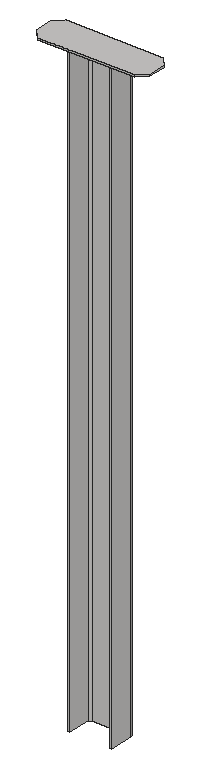
Revit family "E_Cable Tray Support_MEPcontent_OBO Bettermann_US3 FT", category Cable Tray Fittings, Revit 2015
Parameters (values of type "US 3 K 70 FT")
  Wholesaler Art. No. = ""
  Wholesaler = ""
  Watermarked By = "www.stabiplan.com"
  Width 2 = 30.00 mm  # constant formula
  Width 1 = 50.00 mm  # constant formula
  URL = "www.stabiplan.com"
  built-in parameter 1140111 [instance] = 2.00 mm  # constant formula
  Stabu Code = ""
  Revit Version = "2015"  # constant formula
  MEPcontent Class = "CABLE_TRAY_SUPPORT"  # constant formula
  Internal Art. No. = ""
  IFCExportType = "NOTDEFINED"  # constant formula
  IFCExportAs = "IfcCableCarrierFittingType"  # constant formula
  Function Code [instance] = ""
  Family Version = "10.14"  # constant formula
  ETIM Article Class = "EC000082"  # constant formula
  EMCS Version = "2.0"  # constant formula
  Copyright = "© Stabiplan International BV"  # constant formula
  Content Supplier URL = ""
  CB-NL Class = ""
  Article Type = if(and(Width 1 = 50.00 mm, Width 2 = 30.00 mm, Height 1 = 200.00 mm), "US 3 K 20 FT", if(and(Width 1 = 50.00 mm, Width 2 = 30.00 mm, Height 1 = 300.00 mm), "US 3 K 30 FT", if(and(Width 1 = 50.00 mm, Width 2 = 30.00 mm, Height 1 = 400.00 mm), "US 3 K 40 FT", if(and(Width 1 = 50.00 mm, Width 2 = 30.00 mm, Height 1 = 500.00 mm), "US 3 K 50 FT", if(and(Width 1 = 50.00 mm, Width 2 = 30.00 mm, Height 1 = 600.00 mm), "US 3 K 60 FT", if(and(Width 1 = 50.00 mm, Width 2 = 30.00 mm, Height 1 = 700.00 mm), "US 3 K 70 FT", if(and(Width 1 = 50.00 mm, Width 2 = 30.00 mm, Height 1 = 800.00 mm), "US 3 K 80 FT", if(and(Width 1 = 50.00 mm, Width 2 = 30.00 mm, Height 1 = 900.00 mm), "US 3 K 90 FT", if(and(Width 1 = 50.00 mm, Width 2 = 30.00 mm, Height 1 = 1000.00 mm), "US 3 K 100 FT", if(and(Width 1 = 50.00 mm, Width 2 = 30.00 mm, Height 1 = 1100.00 mm), "US 3 K 110 FT", if(and(Width 1 = 50.00 mm, Width 2 = 30.00 mm, Height 1 = 1200.00 mm), "US 3 K 120 FT", "Unknown")))))))))))  # "US 3 K 70 FT"
  Product Line = "OBO BETTERMANN CableTrays"  # constant formula
  Model = if(and(Width 1 = 50.00 mm, Width 2 = 30.00 mm, Height 1 = 200.00 mm), "US 3 K 20 FT", if(and(Width 1 = 50.00 mm, Width 2 = 30.00 mm, Height 1 = 300.00 mm), "US 3 K 30 FT", if(and(Width 1 = 50.00 mm, Width 2 = 30.00 mm, Height 1 = 400.00 mm), "US 3 K 40 FT", if(and(Width 1 = 50.00 mm, Width 2 = 30.00 mm, Height 1 = 500.00 mm), "US 3 K 50 FT", if(and(Width 1 = 50.00 mm, Width 2 = 30.00 mm, Height 1 = 600.00 mm), "US 3 K 60 FT", if(and(Width 1 = 50.00 mm, Width 2 = 30.00 mm, Height 1 = 700.00 mm), "US 3 K 70 FT", if(and(Width 1 = 50.00 mm, Width 2 = 30.00 mm, Height 1 = 800.00 mm), "US 3 K 80 FT", if(and(Width 1 = 50.00 mm, Width 2 = 30.00 mm, Height 1 = 900.00 mm), "US 3 K 90 FT", if(and(Width 1 = 50.00 mm, Width 2 = 30.00 mm, Height 1 = 1000.00 mm), "US 3 K 100 FT", if(and(Width 1 = 50.00 mm, Width 2 = 30.00 mm, Height 1 = 1100.00 mm), "US 3 K 110 FT", if(and(Width 1 = 50.00 mm, Width 2 = 30.00 mm, Height 1 = 1200.00 mm), "US 3 K 120 FT", "Unknown")))))))))))  # "US 3 K 70 FT"
  Manufacturer = "OBO BETTERMANN"  # constant formula
  Custom [instance] = if(and(Width 1 = 50.00 mm, Width 2 = 30.00 mm, Height 1 = 200.00 mm), 1 = 0, if(and(Width 1 = 50.00 mm, Width 2 = 30.00 mm, Height 1 = 300.00 mm), 1 = 0, if(and(Width 1 = 50.00 mm, Width 2 = 30.00 mm, Height 1 = 400.00 mm), 1 = 0, if(and(Width 1 = 50.00 mm, Width 2 = 30.00 mm, Height 1 = 500.00 mm), 1 = 0, if(and(Width 1 = 50.00 mm, Width 2 = 30.00 mm, Height 1 = 600.00 mm), 1 = 0, if(and(Width 1 = 50.00 mm, Width 2 = 30.00 mm, Height 1 = 700.00 mm), 1 = 0, if(and(Width 1 = 50.00 mm, Width 2 = 30.00 mm, Height 1 = 800.00 mm), 1 = 0, if(and(Width 1 = 50.00 mm, Width 2 = 30.00 mm, Height 1 = 900.00 mm), 1 = 0, if(and(Width 1 = 50.00 mm, Width 2 = 30.00 mm, Height 1 = 1000.00 mm), 1 = 0, if(and(Width 1 = 50.00 mm, Width 2 = 30.00 mm, Height 1 = 1100.00 mm), 1 = 0, if(and(Width 1 = 50.00 mm, Width 2 = 30.00 mm, Height 1 = 1200.00 mm), 1 = 0, 1 = 1)))))))))))  # no
  Height 1 = 700.00 mm
  GTIN = if(and(Width 1 = 50.00 mm, Width 2 = 30.00 mm, Height 1 = 200.00 mm), "4012196224470", if(and(Width 1 = 50.00 mm, Width 2 = 30.00 mm, Height 1 = 300.00 mm), "4012196224531", if(and(Width 1 = 50.00 mm, Width 2 = 30.00 mm, Height 1 = 400.00 mm), "4012196224593", if(and(Width 1 = 50.00 mm, Width 2 = 30.00 mm, Height 1 = 500.00 mm), "4012196224654", if(and(Width 1 = 50.00 mm, Width 2 = 30.00 mm, Height 1 = 600.00 mm), "4012196224715", if(and(Width 1 = 50.00 mm, Width 2 = 30.00 mm, Height 1 = 700.00 mm), "4012196224777", if(and(Width 1 = 50.00 mm, Width 2 = 30.00 mm, Height 1 = 800.00 mm), "4012196225019", if(and(Width 1 = 50.00 mm, Width 2 = 30.00 mm, Height 1 = 900.00 mm), "4012196225071", if(and(Width 1 = 50.00 mm, Width 2 = 30.00 mm, Height 1 = 1000.00 mm), "4012196225132", if(and(Width 1 = 50.00 mm, Width 2 = 30.00 mm, Height 1 = 1100.00 mm), "4012196225378", if(and(Width 1 = 50.00 mm, Width 2 = 30.00 mm, Height 1 = 1200.00 mm), "4012196225439", "Unknown")))))))))))  # "4012196224777"
  Description = "Suspended support (U profile) of dimensions 50 x 30 mm with welded head plate."  # constant formula
  Depth = 40.00 mm  # constant formula
  Manufacturer URL = "http://catalog4.obo-bettermann.com/catalogue/catalogue.do?forward=showProductGroup&act=showIO&favOid=bss_63225&action=showManyProducts&lang=nl&OID=bss_63225&catId="
  Gray = Color RGB 189-187-185
  Manufacturer Art. No. = if(and(Width 1 = 50.00 mm, Width 2 = 30.00 mm, Height 1 = 200.00 mm), "6342351", if(and(Width 1 = 50.00 mm, Width 2 = 30.00 mm, Height 1 = 300.00 mm), "6342353", if(and(Width 1 = 50.00 mm, Width 2 = 30.00 mm, Height 1 = 400.00 mm), "6342355", if(and(Width 1 = 50.00 mm, Width 2 = 30.00 mm, Height 1 = 500.00 mm), "6342357", if(and(Width 1 = 50.00 mm, Width 2 = 30.00 mm, Height 1 = 600.00 mm), "6342359", if(and(Width 1 = 50.00 mm, Width 2 = 30.00 mm, Height 1 = 700.00 mm), "6342362", if(and(Width 1 = 50.00 mm, Width 2 = 30.00 mm, Height 1 = 800.00 mm), "6342364", if(and(Width 1 = 50.00 mm, Width 2 = 30.00 mm, Height 1 = 900.00 mm), "6342366", if(and(Width 1 = 50.00 mm, Width 2 = 30.00 mm, Height 1 = 1000.00 mm), "6342368", if(and(Width 1 = 50.00 mm, Width 2 = 30.00 mm, Height 1 = 1100.00 mm), "6342370", if(and(Width 1 = 50.00 mm, Width 2 = 30.00 mm, Height 1 = 1200.00 mm), "6342372", "Unknown")))))))))))  # "6342362"
  Article Description = "Suspended support (U profile) of dimensions 50 x 30 mm with welded head plate."  # constant formula
Types (11, lengths in mm): name | Article Type | Model | Height 1 | GTIN | Manufacturer Art. No.
  US 3 K 20 FT | "US 3 K 20 FT" | "US 3 K 20 FT" | 200.00 | "4012196224470" | "6342351"
  US 3 K 30 FT | "US 3 K 30 FT" | "US 3 K 30 FT" | 300.00 | "4012196224531" | "6342353"
  US 3 K 40 FT | "US 3 K 40 FT" | "US 3 K 40 FT" | 400.00 | "4012196224593" | "6342355"
  US 3 K 50 FT | "US 3 K 50 FT" | "US 3 K 50 FT" | 500.00 | "4012196224654" | "6342357"
  US 3 K 60 FT | "US 3 K 60 FT" | "US 3 K 60 FT" | 600.00 | "4012196224715" | "6342359"
  US 3 K 70 FT | "US 3 K 70 FT" | "US 3 K 70 FT" | 700.00 | "4012196224777" | "6342362"
  US 3 K 80 FT | "US 3 K 80 FT" | "US 3 K 80 FT" | 800.00 | "4012196225019" | "6342364"
  US 3 K 90 FT | "US 3 K 90 FT" | "US 3 K 90 FT" | 900.00 | "4012196225071" | "6342366"
  US 3 K 100 FT | "US 3 K 100 FT" | "US 3 K 100 FT" | 1000.00 | "4012196225132" | "6342368"
  US 3 K 110 FT | "US 3 K 110 FT" | "US 3 K 110 FT" | 1100.00 | "4012196225378" | "6342370"
  US 3 K 120 FT | "US 3 K 120 FT" | "US 3 K 120 FT" | 1200.00 | "4012196225439" | "6342372"
Reference planes
  plane 1 "Center (Front/Back)": y = 0
  plane 2: z = 0
  plane 3 "Center (Left/Right)": x = 0
  plane 4: x = -25
  plane 5: x = 25
  plane 6: y = -15
  plane 7: y = 15
  plane 8: x = -65
  plane 9: x = 65
  plane 10: y = -20
  plane 11: y = 20
  plane 12: y = -17.5
  plane 13: y = 17.5
  plane 14: z = 0
  plane 15: x = -55
  plane 16: y = 10
  plane 17: z = -702
  plane 18: z = -2
Forms (mm)
  Extrusion 1, solid, material "Color RGB 189-187-185" <- "Gray", detail levels medium+fine
    sketch origin (0, 0, 0) x (1, 0, 0) y (0, 1, 0)
      loop
        line (-25, -15) -> (-23, -15) -> (-23, 10.5)
        arc (-23, 10.5) -> (-22.268, 12.268) -> (-20.5, 13) r 2.5
        line (-20.5, 13) -> (20.5, 13)
        arc (20.5, 13) -> (22.268, 12.268) -> (23, 10.5) r 2.5
        line (23, 10.5) -> (23, -15) -> (25, -15) -> (25, 12.5)
        arc (25, 12.5) -> (24.268, 14.268) -> (22.5, 15) r 2.5
        line (22.5, 15) -> (-22.5, 15)
        arc (-22.5, 15) -> (-24.268, 14.268) -> (-25, 12.5) r 2.5
        line (-25, 12.5) -> (-25, -15)
    from -702 to -2
  Extrusion 2, solid, material "Color RGB 189-187-185" <- "Gray", detail levels medium+fine
    sketch origin (0, 0, 0) x (1, 0, 0) y (0, 1, 0)
      loop
        line (-55, 20) -> (-65, 10) -> (-65, -10) -> (-55, -20) -> (55, -20) -> (65, -10) -> (65, 10) -> (55, 20) -> (-55, 20)
    from 0 to -2
Cuts and joins
  joined: Extrusion 1, Extrusion 2
Lines and regions (mm)
  model lines, style "Fittings", detail levels coarse
    curve 1: line (0, 0, -702) -> (0, 0, 0)
Dimensions and locks
  equal spacing: plane 5, plane 3 "Center (Left/Right)", plane 4
  "Width 1": plane 5 to plane 4
  equal spacing: plane 6, plane 1 "Center (Front/Back)", plane 7
  "Width 2": plane 6 to plane 7
  equal spacing: plane 9, plane 3 "Center (Left/Right)", plane 8
  equal spacing: plane 10, plane 1 "Center (Front/Back)", plane 11
  "Depth": plane 10 to plane 11
  "built-in parameter 1140111": Extrusion 1 sketch curve to Extrusion 1 sketch curve  (x3)
  locked: plane 10 to plane 12 at 2.5
  locked: plane 13 to plane 11 at 2.5
  locked: plane 11 to plane 16 at 10
  locked: plane 8 to plane 15 at 10
  locked: plane 9 to plane 8 at 130
  "built-in parameter 1140111": level to plane 18
  "Height 1": plane 18 to plane 17
  radius of Extrusion 1 sketch curve = 2.50 mm  (x4)
  aligned and locked: level to plane 2
  aligned and locked: plane 4 to Extrusion 1 sketch curve
  aligned and locked: plane 7 to Extrusion 1 sketch curve
  aligned and locked: plane 5 to Extrusion 1 sketch curve
  aligned and locked: Extrusion 1 sketch curve to plane 6
  aligned and locked: plane 6 to Extrusion 1 sketch curve
  aligned and locked: curve 1 to plane 3 "Center (Left/Right)"
  aligned and locked: plane 9 to Extrusion 2 sketch curve
  aligned and locked: Extrusion 2 sketch curve to plane 16
  aligned and locked: plane 14 to curve 1
  aligned and locked: Extrusion 2 to plane 18
  aligned and locked: level to Extrusion 2
  aligned and locked: Extrusion 1 to plane 17
  aligned and locked: cut or joined group of Extrusion 1, Extrusion 2 to cut or joined group of Extrusion 1, Extrusion 2
  aligned and locked: plane 17 to curve 1
  aligned and locked: level to plane 14
Automatic sketch dimensions
  Extrusion 2 sketch curve to plane 8 = 0.00 mm
  Extrusion 2 sketch curve to plane 10 = 0.00 mm
  Extrusion 2 sketch curve to plane 15 = 0.00 mm  (x2)
  plane 11 to Extrusion 2 sketch curve = 0.00 mm
  Extrusion 2 sketch curve to plane 9 = 0.00 mm
  plane 16 to Extrusion 2 sketch curve = 0.00 mm
  plane 9 to Extrusion 2 sketch curve = 10.00 mm  (x2)
  plane 6 to Extrusion 2 sketch curve = 5.00 mm  (x2)
  Extrusion 1 sketch curve to plane 5 = 0.00 mm
